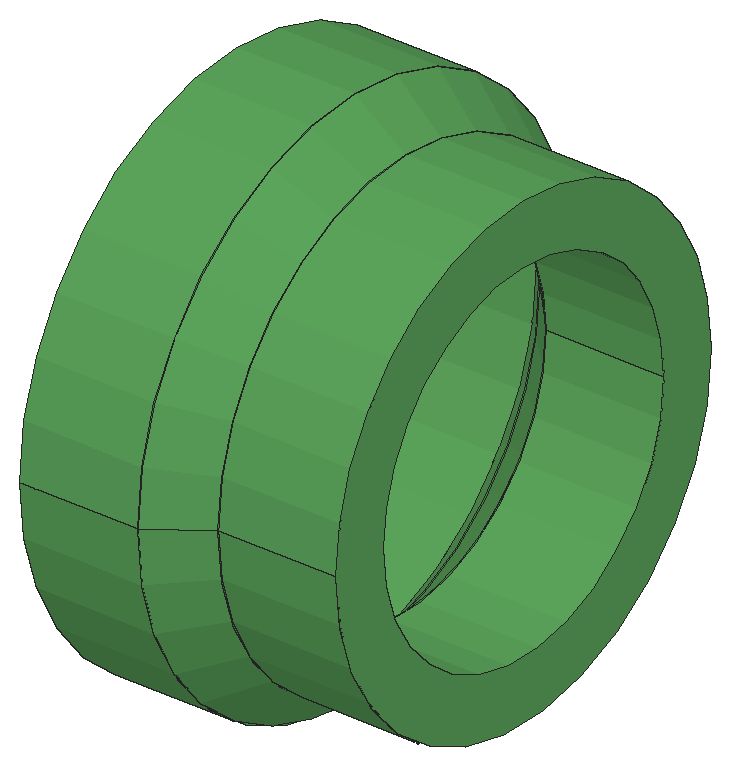
Revit family "Aquatherm_Переходники для муфтовой сварки и сварки встык", category Соединительные детали трубопроводов, Revit 2019
Family settings
  Размер круглого соединителя = Использовать диаметр
  Тип детали = Переход
  На основе рабочей плоскости = Нет
  Всегда вертикально = Да
  При загрузке вырезать с полостями = Нет
  Общий = Нет
Parameters (values of type "SDR 9")
  Материал_Переходник = AquaTherm green pipe
  z1 [instance] = if(D1 < d, z, z - 8 mm)  # 45 mm
  z [instance] = size_lookup("Переходник для муфтовой сварки и сварки_встык", "z", 70 mm, D1, d, SDR)  # 53 mm
  l2 [instance] = if(D1 < d, z, L - 30 mm)  # 60 mm
  l1 [instance] = if(D1 < d, 30 mm, L - z)  # 37 mm
  URL = "www.agpipe.ru"
  SDR = 9 mm
  D2 [instance] = size_lookup("Переходник для муфтовой сварки и сварки_встык", "D2", d + 8 mm, D1, d, SDR)  # 170 mm
  D1 [instance] = 160 mm
  d [instance] = 110 mm
  L [instance] = size_lookup("Переходник для муфтовой сварки и сварки_встык", "L", 100 mm, D1, d, SDR)  # 90 mm
  D [instance] = size_lookup("Переходник для муфтовой сварки и сварки_встык", "D", d + 8 mm, D1, d, SDR)  # 147 mm
  ADSK_Примечание = ""
  ADSK_Позиция [instance] = ""
  ADSK_Обозначение = ""
  ADSK_Наименование [instance] = size_lookup("Переходник для муфтовой сварки и сварки_встык", "ADSK_Наименование", "Нет в каталоге", D1, d, SDR)  # "Переходник для муфтовой сварки и сварки встык DN160/DN110"
  ADSK_Масса_Текст [instance] = size_lookup("Переходник для муфтовой сварки и сварки_встык", "ADSK_Масса_Текст", "Нет в каталоге", D1, d, SDR)  # "0.73"
  ADSK_Код изделия [instance] = size_lookup("Переходник для муфтовой сварки и сварки_встык", "ADSK_Код изделия", "Нет в каталоге", D1, d, SDR)  # "311174"
  ADSK_Завод-изготовитель = "Aquatherm"  # constant formula
  ADSK_Единица измерения = "шт."  # constant formula
Types (5, lengths in mm): name | SDR | ADSK_Масса_Текст | ADSK_Код изделия
  (no name) | 9 | "0.73" | "311174"
  SDR 7.4 | 7.4 | "0.73" | "11174"
  SDR 9 | 9 | "0.73" | "311174"
  SDR 11 | 11 | "0.655" | "11175"
  SDR 17.6 | 17.6 | "0.618" | "2511174"
Reference planes
  plane 1 "По центру (Вперед/Назад)": y = 0
  plane 2: z = 0
  plane 3 "По центру (Влево/Вправо)": x = 0
  plane 4: x = -45
  plane 5: x = 45
  plane 6: x = 8
  plane 7: x = 8
  plane 8: x = -15
  plane 9: x = -8
Forms (mm)
  Extrusion 1, solid, material "AquaTherm green pipe" <- "Материал_Переходник"
    sketch origin (0, 0, 0) x (0, 1, 0) y (0, 0, 1)
      loop
        circle (0, 0) r 85
    from -45 to -8
  Extrusion 2, solid, material "AquaTherm green pipe" <- "Материал_Переходник"
    sketch origin (0, 0, 0) x (0, 1, 0) y (0, 0, 1)
      loop
        circle (0, 0) r 73.5
    from 8 to 45
  Blend 3, solid, material "AquaTherm green pipe" <- "Материал_Переходник"
    base sketch origin (0, 0, 0) x (0, 1, 0) y (0, 0, 1)
      loop
        circle (0, 0) r 73.5
    top sketch origin (0, 0, 0) x (0, 1, 0) y (0, 0, 1)
      loop
        circle (0, 0) r 85
    from 8 to -8
  Extrusion 4, void
    sketch origin (0, 0, 0) x (0, 1, 0) y (0, 0, 1)
      loop
        circle (0, 0) r 80
    from -45 to -15
  Extrusion 5, void
    sketch origin (0, 0, 0) x (0, 1, 0) y (0, 0, 1)
      loop
        circle (0, 0) r 55
    from 8 to 45
  Blend 6, void
    base sketch origin (0, 0, 0) x (0, 1, 0) y (0, 0, 1)
      loop
        circle (0, 0) r 55
    top sketch origin (0, 0, 0) x (0, 1, 0) y (0, 0, 1)
      loop
        circle (0, 0) r 80
    from 8 to -15
Cuts and joins
  Extrusion 4, Extrusion 5, Blend 6 cuts Extrusion 2
  Extrusion 4, Extrusion 5, Blend 6 cuts Blend 3
  Extrusion 4, Blend 6 cuts Extrusion 1
Lines and regions (mm)
  reference lines
    curve 1: line (8, 0, 0) -> (-15, 0, 0)
Dimensions and locks
  equal spacing: plane 4, plane 3 "По центру (Влево/Вправо)", plane 5
  "L": plane 4 to plane 5
  "l1": plane 6 to plane 5
  "z": plane 4 to plane 7
  "l2": plane 8 to plane 5
  "z": plane 9 to plane 5
  "D2": diameter of Extrusion 1 sketch curve
  "D": diameter of Extrusion 2 sketch curve
  "D": diameter of Blend 3 sketch curve
  "D2": diameter of Blend 3 sketch curve
  "D1": diameter of Extrusion 4 sketch curve
  "d": diameter of Extrusion 5 sketch curve
  "d": diameter of Blend 6 sketch curve
  "D1": diameter of Blend 6 sketch curve
  aligned and locked: level to plane 2
  aligned and locked: plane 6 to curve 1
  aligned and locked: plane 8 to curve 1
  aligned and locked: plane 4 to Extrusion 1
  aligned and locked: plane 9 to Extrusion 1
  aligned and locked: Extrusion 2 to plane 7
  aligned and locked: plane 9 to Blend 3
  aligned and locked: plane 7 to Blend 3
  aligned and locked: plane 4 to Extrusion 4
  aligned and locked: Extrusion 4 to curve 1
  aligned and locked: Extrusion 5 to plane 5
  aligned and locked: cut or joined group of Blend 3, Extrusion 4, Extrusion 5, Blend 6 to plane 6
  aligned and locked: Blend 6 to plane 6
  aligned and locked: cut or joined group of Blend 3, Extrusion 4, Extrusion 5, Blend 6 to plane 8
Automatic sketch dimensions
  plane 1 "По центру (Вперед/Назад)" to curve 1 = 0 mm
  Extrusion 1 sketch curve to level = 0 mm
  Extrusion 1 sketch curve to plane 1 "По центру (Вперед/Назад)" = 0 mm
  Extrusion 2 sketch curve to level = 0 mm
  Extrusion 2 sketch curve to plane 1 "По центру (Вперед/Назад)" = 0 mm
  Blend 3 sketch curve to level = 0 mm  (x2)
  Blend 3 sketch curve to plane 1 "По центру (Вперед/Назад)" = 0 mm  (x2)
  Extrusion 4 sketch curve to level = 0 mm
  Extrusion 4 sketch curve to plane 1 "По центру (Вперед/Назад)" = 0 mm
  Extrusion 5 sketch curve to level = 0 mm
  Extrusion 5 sketch curve to plane 1 "По центру (Вперед/Назад)" = 0 mm
  Blend 6 sketch curve to level = 0 mm  (x2)
  Blend 6 sketch curve to plane 1 "По центру (Вперед/Назад)" = 0 mm  (x2)
Connectors
  piping at (-15, 0, 0), diameter 160, driven by "D1"
    settings: on curve 1, index 1, connector inside diameter 609.6 mm, connector length 0 mm, flow factor 0, pipe flow 0.0 L/s, pressure drop 0.0 Pa, fitting loss kfactor 0, connector angle 0.00°, fixture units 0, engagement length 0 mm, angle of deflection 0.00°, flow configuration 0, flow direction 0, fitting loss method 0, system type 28, joint type 0, gender type 0, connector reference index 2, connector utility 0, adjustable connector no, is connector primary yes, connector description ""
  piping at (8, 0, 0), diameter 110, driven by "d"
    settings: on curve 1, index 2, connector inside diameter 609.6 mm, connector length 0 mm, flow factor 0, pipe flow 0.0 L/s, pressure drop 0.0 Pa, fitting loss kfactor 0, connector angle 0.00°, fixture units 0, engagement length 0 mm, angle of deflection 0.00°, flow configuration 0, flow direction 0, fitting loss method 0, system type 28, joint type 0, gender type 0, connector reference index 1, connector utility 0, adjustable connector no, is connector primary no, connector description ""
